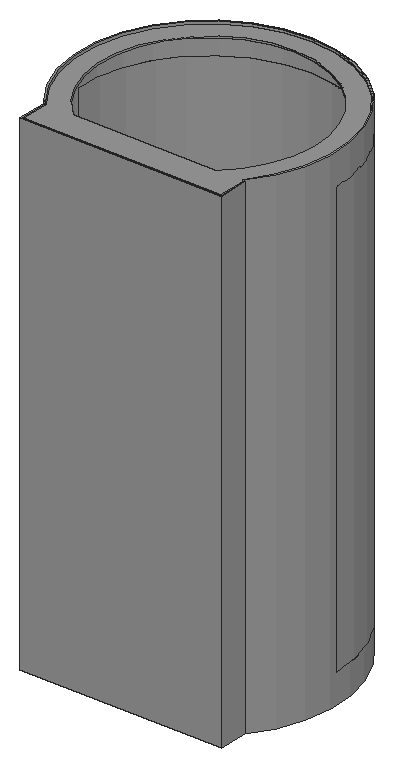
Revit family "3330 Björk_Waste bin", category Furniture Systems, host Wall, Revit 2017
Family settings
  Host = Wall
  Round Connector Dimension = Use Diameter
  Part Type = Normal
  Always vertical = Yes
  Cut with Voids When Loaded = No
  Shared = No
  Room Calculation Point = No
Parameters (values of type "RAL FARVE")
  URL = "http://www.dandryer.com/en-gb/products/waste-sanitary-bins"
  Manufacturer = "Dan Dryer A/S"
  Karosseri = RAL FARVE
  Front = RAL FARVE
  Description = "Waste bin"
Reference planes
  plane 1 "Wall": y = 0
  plane 2 "Center (Left/Right)": x = 125
  plane 3 "Back": y = 75
Text (mm)
  text "Placement Side" at (-1848.837, 1116.779, 0), in view "Ref. Level"
  text "Placement side" at (0, 1409.804, 2854.306), in view "Left"
  text "Placement side" at (0, 499.811, 2980.732), in view "Right"
Dimensions and locks
  locked: plane 3 "Back" to host wall
  aligned and locked: plane 1 "Wall" to host wall
  aligned and locked: nested 1 to plane 3 "Back"
  aligned and locked: nested 1 to plane 2 "Center (Left/Right)"
Nested families
  nested 1: "Master 3320 Waste bin" at (125, 75, 300) x (-1, 0, 0) z (0, 0, 1), type "Master 3320 Waste bin"
Definition of nested family "Master 3320 Waste bin"
  Parameters (values of type "Master 3320 Waste bin")
    Karosseri = none
    Front = none
  Reference planes
    plane 1 "Center (Front/Back)": y = 0
    plane 2: z = 0
    plane 3 "Center (Left/Right)": x = 0
  Forms (mm)
    Extrusion 1, solid, material <- "Karosseri"
      sketch origin (0, -111, 0) x (1, 0, 0) y (0, 1, 0)
        loop
          arc (-101.5, 81.227) -> (0, -130) -> (101.5, 81.227) r 130
          line (101.5, 81.227) -> (99.572, 81.227)
          arc (99.572, 81.227) -> (0, -128.5) -> (-99.572, 81.227) r 128.5
          line (-99.572, 81.227) -> (-101.5, 81.227)
      from 0 to 500
    Extrusion 2, solid, material <- "Karosseri"
      sketch origin (0, -111, 0) x (1, 0, 0) y (0, 1, 0)
        loop
          line (-101.5, 111) -> (-101.5, 81.227) -> (-99.572, 81.227) -> (-99.572, 109.5) -> (99.572, 109.5) -> (99.572, 81.227) -> (101.5, 81.227) -> (101.5, 111) -> (-101.5, 111)
      from 0 to 498
    Extrusion 3, solid, material <- "Karosseri"
      sketch origin (-149.841, -111, 498) x (0, -1, 0) y (-1, 0, 0)
        loop
          line (-81.227, -77.907) -> (-81.227, -221.775)
          arc (-81.227, -221.775) -> (108.5, -149.841) -> (-81.227, -77.907) r 108.5
        loop
          arc (-81.227, -249.413) -> (128.5, -149.841) -> (-81.227, -50.27) r 128.5
          line (-81.227, -50.27) -> (-109.5, -50.27) -> (-109.5, -249.413) -> (-81.227, -249.413)
      from 0 to 1.5
    Extrusion 4, solid, material <- "Karosseri"
      sketch origin (0, -111, 0) x (1, 0, 0) y (0, 1, 0)
        loop
          line (99.572, 109.5) -> (-99.572, 109.5) -> (-99.572, 81.227)
          arc (-99.572, 81.227) -> (0, -128.5) -> (99.572, 81.227) r 128.5
          line (99.572, 81.227) -> (99.572, 109.5)
      from 0 to 1.5
    Extrusion 5, void
      sketch origin (168.514, -111, 31) x (0, -1, 0) y (-1, 0, 0)
        loop
          spline (-4.107, 32.134) -> (30.905, 36.156) -> (63.683, 49.102) -> (91.994, 70.091) -> (113.907, 97.691) -> (127.931, 130.023) -> (133.108, 164.883) -> (129.086, 199.895) -> (116.14, 232.673) -> (95.152, 260.983) -> (67.551, 282.897) -> (35.219, 296.92) -> (0.359, 302.097)
          line (0.359, 302.097) -> (-4.107, 32.134)
      from 0 to -438
    Extrusion 6, solid, material <- "Front"
      sketch origin (0, -111, 0) x (1, 0, 0) y (0, 1, 0)
        loop
          arc (128.438, 3.975) -> (2.125, -128.482) -> (-128.5, -0.275) r 128.5
          line (-128.5, -0.275) -> (-129.997, 0.869)
          arc (-129.997, 0.869) -> (2.112, -129.983) -> (129.9, 5.092) r 130
          line (129.9, 5.092) -> (128.438, 3.975)
      from 31 to 469
  Cuts and joins
    Extrusion 5 cuts Extrusion 1
    Extrusion 5 cuts Extrusion 4
  Dimensions and locks
    aligned and locked: level to plane 2
    aligned and locked: Extrusion 6 to cut or joined group of Extrusion 1, Extrusion 5  (x4)
